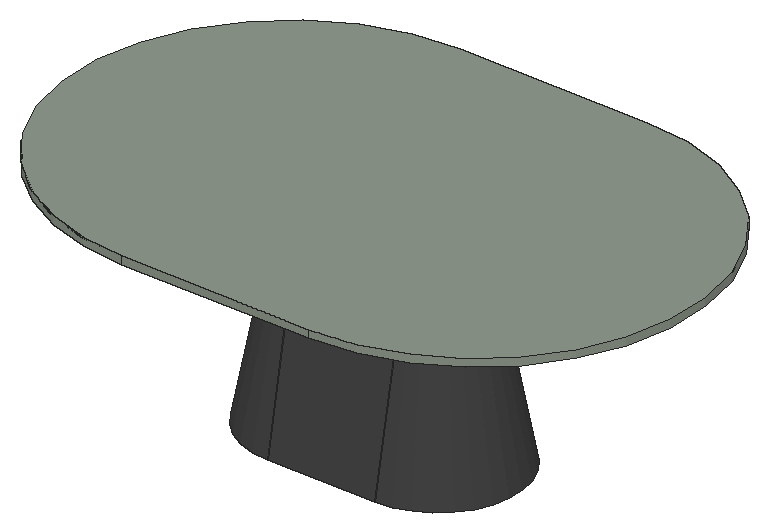
Revit family "DBLTD_TheSenatorGroup_OfficeTables_Sula_US", category Furniture, Revit 2022 (continued)
Types (14): name | WorksurfaceArea | Type Comments | Size | Shape | NominalWidth | NominalDepth | ModelReference | ModelNumber | Model | IsTriple | IsSingle | IsDouble | Is90Degree | HasTopSquare | HasTopRound | HasTopPill | HasTopConf | HasBaseSlim | HasBasePill90 | HasBasePill | HasBaseLarge | Description
  Round 48 dia | 1.48645 m² | "Round 48 dia with Large Base" | "29\"h x 48\"w x 48\"d" | "Round" | 48" | 48" | "Round 48 dia with Large Base" | "SUD48RD" | "SUD48RD" | no | yes | no | no | no | yes | no | no | no | no | no | yes | "Round 48 dia with Large Base"
  Round 54 dia | 1.88129 m² | "Round 54 dia with Large Base" | "29\"h x 54\"w x 54\"d" | "Round" | 54" | 54" | "Round 54 dia with Large Base" | "SUD54RD" | "SUD54RD" | no | yes | no | no | no | yes | no | no | no | no | no | yes | "Round 54 dia with Large Base"
  Pill 78 x 54 | 2.71741 m² | "Pill 78 x 54 with Slim Base" | "29\"h x 48\"w x 54\"d" | "Pill" | 78" | 54" | "Pill 78 x 54 with Slim Base" | "SUD7854PL" | "SUD7854PL" | no | no | no | yes | no | no | yes | no | no | yes | no | no | "Pill 78 x 54 with Slim Base"
  Pill 72 x 36 | 1.67225 m² | "Pill 72 x 36 with Double Slim Base" | "29\"h x 72\"w x 36\"d" | "Pill" | 72" | 36" | "Pill 72 x 36 with Double Slim Base" | "SUD7236PL" | "SUD7236PL" | no | no | yes | no | no | no | yes | no | yes | no | no | no | "Pill 72 x 36 with Double Slim Base"
  Pill 84 x 42 | 2.27612 m² | "Pill 84 x 42 with Double Slim Base" | "29\"h x 84\"w x 42\"d" | "Pill" | 84" | 42" | "Pill 84 x 42 with Double Slim Base" | "SUD8442PL" | "SUD8442PL" | no | no | yes | no | no | no | yes | no | yes | no | no | no | "Pill 84 x 42 with Double Slim Base"
  Pill 96 x 54 | 3.34451 m² | "Pill 96 x 54 with Double Large Base" | "29\"h x 96\"w x 54\"d" | "Pill" | 96" | 54" | "Pill 96 x 54 with Double Large Base" | "SUD9654PL" | "SUD9654PL" | no | no | yes | no | no | no | yes | no | no | no | no | yes | "Pill 96 x 54 with Double Large Base"
  Pill 120 x 54 | 4.18064 m² | "Pill 120 x 54 with Double Large Base" | "29\"h x 120\"w x 54\"d" | "Pill" | 120" | 54" | "Pill 120 x 54 with Double Large Base" | "SUD12054PL" | "SUD12054PL" | no | no | yes | no | no | no | yes | no | no | no | no | yes | "Pill 120 x 54 with Double Large Base"
  Pill 144 x 72 | 6.68902 m² | "Pill 144 x 72 with Triple Pill Base" | "29\"h x 144\"w x 72\"d" | "Pill" | 144" | 72" | "Pill 144 x 72 with Triple Pill Base" | "SUD14472PL" | "SUD14472PL" | yes | yes | no | no | no | no | yes | no | no | no | yes | no | "Pill 144 x 72 with Triple Pill Base"
  Pill 168 x 72 | 7.80386 m² | "Pill 168 x 72 with Triple Pill Base" | "29\"h x 168\"w x 72\"d" | "Pill" | 168" | 72" | "Pill 168 x 72 with Triple Pill Base" | "SUD16872PL" | "SUD16872PL" | yes | yes | no | no | no | no | yes | no | no | no | yes | no | "Pill 168 x 72 with Triple Pill Base"
  Conference 72 x 42 | 1.95096 m² | "Conference 72 x 42 with Pill Base" | "29\"h x 72\"w x 42\"d" | "Conference" | 72" | 42" | "Conference 72 x 42 with Pill Base" | "SUD7242CO" | "SUD7242CO" | no | no | no | yes | no | no | no | yes | no | no | yes | no | "Conference 72 x 42 with Pill Base"
  Conference 60 x 72 | 2.78709 m² | "Conference 60 x 72 with Pill Base" | "29\"h x 60\"w x 72\"d" | "Conference" | 60" | 72" | "Conference 60 x 72 with Pill Base" | "SUD6072CO" | "SUD6072CO" | no | yes | no | no | no | no | no | yes | no | no | yes | no | "Conference 60 x 72 with Pill Base"
